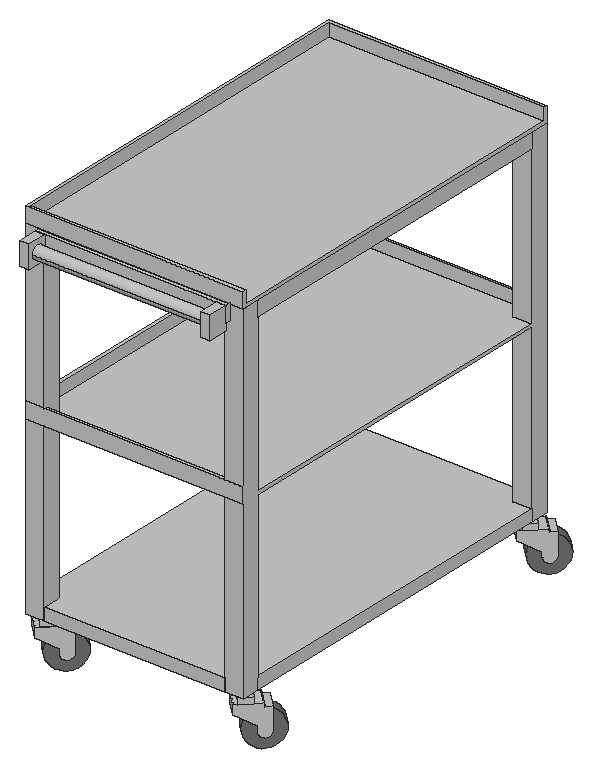
Revit family "QF_Vollrath_97121", category Specialty Equipment, Revit 2016
Family settings
  Part Type = Normal
  Round Connector Dimension = Use Diameter
  OmniClass Number = 23.40.40.14.17
  OmniClass Title = Food Cooking Equipment
  Work Plane-Based = No
  Always vertical = Yes
  Cut with Voids When Loaded = No
  Shared = No
  Room Calculation Point = No
Parameters (values of type "97121")
  Width [instance] = 17.75"
  Weight in Pounds = 33.7
  Watermarked By = "http://revitwatermark.com"
  URL Cutsheet = ""
  URL = ""
  Status [instance] = ""
  Specification by User [instance] = ""
  Specification by Manufacturer [instance] = ""
  Serial Number [instance] = ""
  Seismic Rating [instance] = ""
  Revision Code [instance] = ""
  NAFEM Spec ID Number [instance] = ""
  Model = "97121"
  Masterspec = ""
  Manufacturer = "Vollrath"
  Item Number [instance] = "-"
  Installed By [instance] = ""
  Identify Quantity as Lot [instance] = no
  Furnished By [instance] = ""
  Foodservice Equipment Identifier [instance] = yes
  Description = "Cart, Utility"
  Depth [instance] = 39.25"
  CSI MasterFormat = "11 48 13"
  Assembly Code = "E1090320"
Reference planes (in)
  plane 1 "BACK": y = -4.62
  plane 2: z = 0
  plane 3 "LEFT": x = 0
  plane 4 "RIGHT": x = 17.75
  plane 5 "--": y = -35.5
  plane 6: z = 4
  plane 7: z = 5
  plane 8: x = 1.5
  plane 9: y = -6.12
  plane 10: x = 16.25
  plane 11: y = -34
  plane 12: y = -20.06
  plane 13 "TOP": z = 33.75
  plane 14: x = 0.75
  plane 15 "FRONT": y = -37.47
  plane 16: z = 18.25
  plane 17: z = 19.5
  plane 18: x = 8.875
Forms (in)
  Extrusion 1, solid, material "QF_Finishes_Stainless Steel"
    sketch origin (0, 0, 16.75) x (-1, 0, 0) y (0, -1, 0)
      loop
        line (-1.5, 4.62) -> (-1.5, 6.12) -> (0, 6.12) -> (0, 34) -> (-1.5, 34) -> (-1.5, 35.5) -> (-16.25, 35.5) -> (-16.25, 34) -> (-17.75, 34) -> (-17.75, 6.12) -> (-16.25, 6.12) -> (-16.25, 4.62) -> (-1.5, 4.62)
    from -12.75 to -11.75
  Extrusion 2, solid, material "QF_Finishes_Stainless Steel"
    sketch origin (0, 0, 27.49) x (-1, 0, 0) y (0, -1, 0)
      loop
        line (-1.5, 35.5) -> (-16.25, 35.5) -> (-16.25, 34) -> (-17.75, 34) -> (-17.75, 6.12) -> (-16.25, 6.12) -> (-16.25, 4.62) -> (-1.5, 4.62) -> (-1.5, 6.12) -> (0, 6.12) -> (0, 34) -> (-1.5, 34) -> (-1.5, 35.5)
    from 3.76 to 5.01
  Sweep 3, solid, material "QF_Finishes_Stainless Steel"
    path origin (0, 0, 0) x (1, 0, 0) y (0, 1, 0)
      loop
        line (17.75, -35.5) -> (0, -35.5) -> (0, -4.62) -> (17.75, -4.62)
    profile origin (8.875, -4.62, 0) x (0, 1, 0) y (0, 0, 1)
      loop
        line (-2, 32.5) -> (0, 32.5) -> (0, 33.75) -> (-0.25, 33.75) -> (-0.25, 32.75) -> (-2, 32.75) -> (-2, 32.5)
  Extrusion 4, solid, material "QF_Finishes_Stainless Steel"
    sketch origin (0, 0, 17.87) x (-1, 0, 0) y (0, -1, 0)
      loop
        line (-1.5, 6.12) -> (-1.5, 34) -> (-17.75, 34) -> (-17.75, 6.12) -> (-1.5, 6.12)
    from 14.63 to 14.88
  Extrusion 5, solid, material "QF_Finishes_Stainless Steel"
    sketch origin (14, 0, 16.75) x (-1, 0, 0) y (0, -1, 0)
      loop
        line (-2.25, 4.62) -> (-2.25, 6.12) -> (-3.75, 6.12) -> (-3.75, 4.62) -> (-2.25, 4.62)
    from -12.75 to 15.75
  Extrusion 6, solid, material "QF_Finishes_Stainless Steel"
    sketch origin (0, -26.05109, 16.75) x (-1, 0, 0) y (0, -1, 0)
      loop
        line (0, 7.94) -> (0, 9.44) -> (-1.5, 9.44) -> (-1.5, 7.94) -> (0, 7.94)
    from -12.75 to 15.75
  Extrusion 7, solid, material "QF_Finishes_Stainless Steel"
    sketch origin (14, -26.05109, 16.75) x (-1, 0, 0) y (0, -1, 0)
      loop
        line (-2.25, 7.94) -> (-2.25, 9.44) -> (-3.75, 9.44) -> (-3.75, 7.94) -> (-2.25, 7.94)
    from -12.75 to 15.75
  Sweep 8, solid, material "QF_Finishes_Stainless Steel"
    path origin (0, 0, -13.13) x (1, 0, 0) y (0, 1, 0)
      loop
        line (17.75, -35.5) -> (0, -35.5) -> (0, -4.62) -> (17.75, -4.62)
    profile origin (8.875, -4.62, -13.13) x (0, 1, 0) y (0, 0, 1)
      loop
        line (-2, 31.38) -> (0, 31.38) -> (0, 32.63) -> (-0.25, 32.63) -> (-0.25, 31.63) -> (-2, 31.63) -> (-2, 31.38)
  Extrusion 9, solid, material "QF_Finishes_Stainless Steel"
    sketch origin (0, 0, 16.75) x (-1, 0, 0) y (0, -1, 0)
      loop
        line (-0.25, 4.87) -> (-0.25, 35.25) -> (-17.75, 35.25) -> (-17.75, 4.87) -> (-0.25, 4.87)
    from 1.75 to 1.5
  Extrusion 10, solid, material "QF_Finishes_Stainless Steel"
    sketch origin (0, 0, 16.75) x (-1, 0, 0) y (0, -1, 0)
      loop
        line (0, 4.62) -> (0, 6.12) -> (-1.5, 6.12) -> (-1.5, 4.62) -> (0, 4.62)
    from -12.75 to 15.75
  Extrusion 11, solid, material "QF_Finishes_Stainless Steel"
    sketch origin (1.125, -3.38, 1.11535) x (0, 1, 0) y (0, 0, 1)
      loop
        line (-32.12, 31.38) -> (-32.49962, 31.38) -> (-32.49962, 30.13) -> (-32.12, 30.13) -> (-32.12, 31.38)
    from 0 to 15.5
  Extrusion 12, solid, material "QF_Finishes_Stainless Steel"
    sketch origin (1.125, -3.38, 1.11535) x (0, 1, 0) y (0, 0, 1)
      loop
        line (-32.49962, 31.38) -> (-34.09, 31.38) -> (-34.09, 29.51992) -> (-32.49962, 29.51992) -> (-32.49962, 31.38)
    from 0 to 0.75
  Extrusion 13, solid, material "QF_Finishes_Stainless Steel"
    sketch origin (16.625, -3.38, 1.11535) x (0, 1, 0) y (0, 0, -1)
      loop
        line (-32.49962, -31.38) -> (-32.49962, -29.51992) -> (-34.09, -29.51992) -> (-34.09, -31.38) -> (-32.49962, -31.38)
    from 0 to 0.75
  Extrusion 14, solid, material "QF_Finishes_Stainless Steel"
    sketch origin (1.125, -3.38, 1.11535) x (0, 1, 0) y (0, 0, 1)
      loop
        circle (-33.32708, 30.51019) r 0.5
    from 0.75 to 14.75
Cuts and joins
  joined: Sweep 3, Extrusion 4
  joined: Extrusion 5, Extrusion 6, Extrusion 7, Sweep 8, Extrusion 9, Extrusion 10
Lines and regions (in)
  symbolic lines
    curve 1: line (0, -4.62, 16.75) -> (0, -35.49109, 16.75)
    curve 2: line (17.75, -4.62, 16.75) -> (0, -4.62, 16.75)
    curve 3: line (0, -35.49109, 16.75) -> (1.5, -35.49109, 16.75)
    curve 4: line (16.625, -35.5, 16.75) -> (1.125, -35.5, 16.75)
    curve 5: line (16.25, -35.49109, 16.75) -> (17.75, -35.49109, 16.75)
    curve 6: line (17.75, -35.49109, 16.75) -> (17.75, -4.62, 16.75)
    curve 7: line (16.625, -37.47, 16.75) -> (16.625, -35.87962, 16.75)
    curve 8: line (16.625, -35.87962, 16.75) -> (16.625, -35.5, 16.75)
    curve 9: line (15.875, -35.87962, 16.75) -> (15.875, -37.47, 16.75)
    curve 10: line (15.875, -37.47, 16.75) -> (16.625, -37.47, 16.75)
    curve 11: line (1.125, -35.87962, 16.75) -> (16.625, -35.87962, 16.75)
    curve 12: line (1.875, -37.47, 16.75) -> (1.875, -35.87962, 16.75)
    curve 13: line (1.125, -35.87962, 16.75) -> (1.125, -37.47, 16.75)
    curve 14: line (1.125, -35.5, 16.75) -> (1.125, -35.87962, 16.75)
    curve 15: line (1.125, -37.47, 16.75) -> (1.875, -37.47, 16.75)
    curve 16: line (15.875, -37.22, 16.75) -> (1.875, -37.22, 16.75)
    curve 17: line (17.75, -4.87, 16.75) -> (0.25, -4.87, 16.75)
    curve 18: line (0.25, -4.87, 16.75) -> (0.25, -35.25, 16.75)
    curve 19: line (0.25, -35.25, 16.75) -> (17.75, -35.25, 16.75)
    curve 20: line (1.875, -36.12962, 16.75) -> (15.875, -36.12962, 16.75)
Dimensions and locks (in)
  "Width": plane 3 "LEFT" to plane 4 "RIGHT"
  plane 9 to plane 1 "BACK" = 1.50"
  locked: plane 5 "--" to plane 11 at 1.5
  plane 3 "LEFT" to plane 8 = 1.50"
  plane 10 to plane 4 "RIGHT" = 1.50"
  plane 13 "TOP" to level = 33.75"
  equal spacing: plane 1 "BACK", plane 12, plane 5 "--"
  locked: plane 7 to plane 6 at 1
  level to Extrusion 1 = 5.00"
  locked: plane 17 to plane 16 at 1.25
  plane 16 to plane 7 = 13.25"
  equal spacing: plane 4 "RIGHT", plane 18, plane 3 "LEFT"
  plane 15 "FRONT" to plane 12 = 17.41"
  plane 15 "FRONT" to plane 1 "BACK" = 32.85"
  plane 5 "--" to plane 1 "BACK" = 30.88"
  plane 17 to level = 19.50"
  aligned and locked: level to plane 2
  aligned and locked: plane 7 to Extrusion 1
  aligned and locked: Extrusion 1 to plane 6
  aligned and locked: plane 1 "BACK" to Sweep 3 sketch curve
  aligned and locked: plane 3 "LEFT" to Sweep 3 sketch curve
  aligned and locked: Sweep 3 sketch curve to plane 5 "--"
  aligned: Extrusion 10 sketch curve to cut or joined group of Sweep 3, Extrusion 4
  aligned: cut or joined group of Sweep 3, Extrusion 4 to Extrusion 10 sketch curve
  aligned and locked: Extrusion 10 sketch curve to Extrusion 1
  aligned and locked: Extrusion 1 to Extrusion 10 sketch curve
Automatic sketch dimensions
  Extrusion 1 sketch curve to plane 4 "RIGHT" = 0.00"
  Extrusion 1 sketch curve to plane 10 = 0.00"  (x2)
  plane 1 "BACK" to Extrusion 1 sketch curve = 0.00"
  Extrusion 1 sketch curve to plane 8 = 0.00"  (x2)
  plane 5 "--" to Extrusion 1 sketch curve = 0.00"
  Extrusion 1 sketch curve to plane 3 "LEFT" = 0.00"
  plane 9 to Extrusion 1 sketch curve = 0.00"  (x2)
  plane 11 to Extrusion 1 sketch curve = 0.00"  (x2)
  Extrusion 2 sketch curve to plane 4 "RIGHT" = 0.00"
  Extrusion 2 sketch curve to plane 10 = 0.00"  (x2)
  plane 9 to Extrusion 2 sketch curve = 0.00"  (x2)
  plane 1 "BACK" to Extrusion 2 sketch curve = 0.00"
  Extrusion 2 sketch curve to plane 8 = 0.00"  (x2)
  Extrusion 2 sketch curve to plane 3 "LEFT" = 0.00"
  plane 11 to Extrusion 2 sketch curve = 0.00"  (x2)
  plane 5 "--" to Extrusion 2 sketch curve = 0.00"
  Sweep 3 sketch curve to profile plane = 0.00"
  profile plane to Sweep 3 sketch curve = 0.25"
  Sweep 3 sketch curve to Sweep 3 sketch curve = 1.75"
  level to Sweep 3 sketch curve = 32.50"
  Sweep 3 sketch curve to Sweep 3 sketch curve = 0.25"
  Sweep 3 sketch curve to Sweep 3 sketch curve = 1.00"
  Extrusion 4 sketch curve to plane 4 "RIGHT" = 0.00"
  Extrusion 4 sketch curve to plane 8 = 0.00"
  plane 9 to Extrusion 4 sketch curve = 0.00"
  plane 11 to Extrusion 4 sketch curve = 0.00"
  plane 1 "BACK" to Extrusion 5 sketch curve = 0.00"
  Extrusion 5 sketch curve to plane 4 "RIGHT" = 0.00"
  plane 9 to Extrusion 5 sketch curve = 0.00"
  Extrusion 5 sketch curve to plane 10 = 0.00"
  Extrusion 6 sketch curve to plane 8 = 0.00"
  Extrusion 6 sketch curve to plane 3 "LEFT" = 0.00"
  Extrusion 6 sketch curve to plane 11 = 0.00891"
  Extrusion 6 sketch curve to plane 5 "--" = 0.00891"
  Extrusion 7 sketch curve to plane 4 "RIGHT" = 0.00"
  Extrusion 7 sketch curve to plane 10 = 0.00"
  Extrusion 7 sketch curve to plane 11 = 0.00891"
  Extrusion 7 sketch curve to plane 5 "--" = 0.00891"
  Sweep 8 sketch curve to plane 3 "LEFT" = 0.00"
  Sweep 8 sketch curve to plane 4 "RIGHT" = 0.00"  (x2)
  plane 1 "BACK" to Sweep 8 sketch curve = 0.00"
  plane 5 "--" to Sweep 8 sketch curve = 0.00"
  Sweep 8 sketch curve to profile plane = 0.00"
  profile plane to Sweep 8 sketch curve = 0.25"
  Sweep 8 sketch curve to Sweep 8 sketch curve = 1.75"
  profile plane to Sweep 8 sketch curve = 31.38"
  Sweep 8 sketch curve to Sweep 8 sketch curve = 0.25"
  Sweep 8 sketch curve to Sweep 8 sketch curve = 1.00"
  Extrusion 9 sketch curve to plane 4 "RIGHT" = 0.00"
  plane 3 "LEFT" to Extrusion 9 sketch curve = 0.25"
  plane 1 "BACK" to Extrusion 9 sketch curve = 0.25"
  Extrusion 9 sketch curve to plane 5 "--" = 0.25"
  Sweep 3 sketch curve to plane 4 "RIGHT" = 0.00"  (x2)
  plane 1 "BACK" to Extrusion 10 sketch curve = 0.00"
  plane 3 "LEFT" to Extrusion 10 sketch curve = 0.00"
  Extrusion 11 sketch curve to plane 5 "--" = 0.00"
  plane 5 "--" to Extrusion 11 sketch curve = 0.37962"
  Extrusion 11 sketch curve to plane 13 "TOP" = 2.50465"
  Extrusion 11 sketch curve to Extrusion 11 sketch curve = 1.25"
  Extrusion 12 sketch curve to plane 15 "FRONT" = 0.00"
  plane 5 "--" to Extrusion 12 sketch curve = 0.37962"
  Extrusion 12 sketch curve to plane 13 "TOP" = 3.11472"
  Extrusion 12 sketch curve to plane 13 "TOP" = 1.25465"
  Extrusion 13 sketch curve to plane 15 "FRONT" = 0.00"
  plane 5 "--" to Extrusion 13 sketch curve = 0.37962"
  Extrusion 13 sketch curve to plane 13 "TOP" = 1.25465"
  Extrusion 13 sketch curve to Extrusion 13 sketch curve = 1.86008"
  plane 15 "FRONT" to Extrusion 14 sketch curve = 0.76292"
  Extrusion 14 sketch curve to plane 13 "TOP" = 2.12445"
  plane 1 "BACK" to curve 6 = 0.00"
  curve 6 to plane 4 "RIGHT" = 0.00"
  curve 10 to plane 15 "FRONT" = 0.00"
  plane 5 "--" to curve 4 = 0.00"
  curve 5 to plane 10 = 0.00"
  curve 15 to plane 15 "FRONT" = 0.00"
  curve 3 to plane 8 = 0.00"
  curve 2 to plane 3 "LEFT" = 0.00"
  plane 10 to curve 10 = 0.375"
  curve 20 to plane 10 = 0.375"
  plane 8 to curve 16 = 0.375"
  curve 14 to plane 8 = 0.375"
  plane 3 "LEFT" to curve 17 = 0.25"
  curve 2 to curve 17 = 0.25"
  curve 19 to plane 5 "--" = 0.25"
  curve 3 to plane 5 "--" = 0.00891"
  curve 5 to plane 5 "--" = 0.00891"
  plane 5 "--" to curve 11 = 0.37962"
  curve 9 to curve 20 = 0.25"
  plane 15 "FRONT" to curve 16 = 0.25"
  radius of Extrusion 14 sketch curve = 0.50"
Nested families (in)
  nested 1: "FESCaster" at (1.25, -5.60981, 0), type "FESCaster"
    with Height 4.00", Caster Radius 1.50"
  nested 2: "FESCaster" at (17.12136, -5.60981, 0), type "FESCaster"
    with Height 4.00", Caster Radius 1.50"
  nested 3: "FESCaster" at (17.12136, -34.61977, 0), type "FESCaster"
    with Height 4.00", Caster Radius 1.50"
  nested 4: "FESCaster" at (1, -34.61977, 0), type "FESCaster"
    with Height 4.00", Caster Radius 1.50"
Definition of nested family "FESCaster"
  Parameters
    Watermarked By = "http://revitwatermark.com"
    Type Comments = "⍁⍉⌁⌀⏭⎽⌇⍠⌜⍉⎖⌥⌦⌯⍭⏊⍻⍿⍊⏵⍊⏗⏠⍴⎡⌈⎀⍠⌓⌤⏘⎐⍀⌐⏬⏁⎈⏍⏦⎒⏬⌝⍩⍇⌣〈⎫〉⎁⏊⍥⍖⍥⍝⍦⌖⍀⏌⏭⎝⎼⏷⏞⍻⏯⎽⏷⏞⍻⏯⎽⏷⎺⌻⎝⍎⌧⏷⏟⏿⌿⍜⍦⍤⌁⍬⏶⏎⍊⏚⏉⎞⌡⎀⎪⏈⌟⌿⍾⍼⌟⌿⌢⌞⏞⏝⌻⎸⎻⎷⎳⎻⎛⌞⌼⏚⍿⏸⍨⏷⍡⍺⏼⏅⎏⌽⌻⍽⎝⍮⎧⍏⏳⏲⎼⏈⏋⏙⎏⏽⏘⍹⏞⌜⏼⍴⏶⏮⏿⌁"
    Height [instance] = 6.00"
    Caster Radius [instance] = if(Height < 3.00", 1.00", (Height / 2) - 0.50")  # 2.50"
    Assembly Code = ""
  Reference planes (in)
    plane 1 "Center (Front/Back)": y = 0
    plane 2: z = 0
    plane 3 "Center (Left/Right)": x = 0
    plane 4: z = 6
    plane 5: z = 5.5
  Forms (in)
    Extrusion 1, solid
      sketch origin (-24.12131, -22.88887, 10.18833) x (0.707107, 0.707107, 0) y (0, 0, 1)
        loop
          line (34.98772, -7.68833) -> (34.98772, -4.93833) -> (34.48772, -4.93833) -> (34.39402, -4.68833) -> (32.39402, -4.68833) -> (32.39402, -5.43833) -> (33.98772, -7.34206) -> (33.98772, -7.68833)
          arc (33.98772, -7.68833) -> (34.48772, -8.18833) -> (34.98772, -7.68833) r 0.5
      from 0 to 1.75
    Extrusion 2, solid
      sketch origin (-24.32327, -23.09083, 13.31461) x (0.707107, 0.707107, 0) y (0, 0, 1)
        loop
          circle (34.77334, -10.81461) r 2.5
      from 0.375 to 1.375
    Extrusion 3, solid
      sketch origin (-7.24148, -8.48391, 0) x (0.707107, 0.707107, 0) y (0, 0, 1)
        loop
          line (10.61603, 5.5) -> (11.61603, 5.5) -> (11.61603, 6) -> (10.61603, 6) -> (10.61603, 5.5)
      from 0 to -1.75
  Lines and regions (in)
    symbolic lines
      curve 1: line (-1.26158, -0.51911, 0) -> (1.39007, 2.13254, 0)
      curve 2: line (-0.53429, -1.24639, 0) -> (2.11736, 1.40526, 0)
      curve 3: line (-1.26158, -0.51911, 0) -> (1.39007, 2.13254, 0)
      curve 4: line (-0.53429, -1.24639, 0) -> (2.11736, 1.40526, 0)
  Dimensions and locks (in)
    locked: plane 4 to plane 5 at 0.5
    "Height": plane 4 to level
    "Caster Radius": Extrusion 2 sketch curve to level
    "Caster Radius": Extrusion 1 sketch curve to level
    "Caster Radius": radius of Extrusion 2 sketch curve
    aligned and locked: plane 2 to level
    aligned and locked: Extrusion 3 to plane 5
    aligned and locked: plane 4 to Extrusion 3
    aligned and locked: plane 5 to Extrusion 1
  Automatic sketch dimensions
    plane 1 "Center (Front/Back)" to curve 3 = 0.51911"
    curve 3 to plane 3 "Center (Left/Right)" = 1.26158"
    plane 1 "Center (Front/Back)" to curve 1 = 0.51911"
    curve 1 to curve 3 = 0.00"  (x3)
    curve 4 to plane 3 "Center (Left/Right)" = 0.53429"
    curve 2 to curve 4 = 0.00"  (x2)
    plane 3 "Center (Left/Right)" to curve 3 = 1.39007"
    curve 1 to curve 4 = 0.72729"
    curve 2 to curve 1 = 0.72729"
    curve 4 to curve 2 = 0.00"  (x2)
    curve 2 to plane 1 "Center (Front/Back)" = 1.40526"
    curve 2 to curve 3 = 0.72729"
    plane 5 to Extrusion 1 sketch curve = 0.00"
    Extrusion 1 sketch curve to Extrusion 1 sketch curve = 1.5937"
    Extrusion 1 sketch curve to Extrusion 1 sketch curve = 2.00"
    Extrusion 1 sketch curve to Extrusion 1 sketch curve = 0.0937"
    Extrusion 1 sketch curve to Extrusion 1 sketch curve = 0.50"
    Extrusion 1 sketch curve to Extrusion 1 sketch curve = 0.34627"
    Extrusion 1 sketch curve to plane 5 = 0.75"
    Extrusion 1 sketch curve to plane 5 = 0.25"
    Extrusion 3 sketch curve to plane 5 = 0.00"
    plane 4 to Extrusion 3 sketch curve = 0.00"
    Extrusion 3 sketch curve to Extrusion 3 sketch curve = 1.00"
